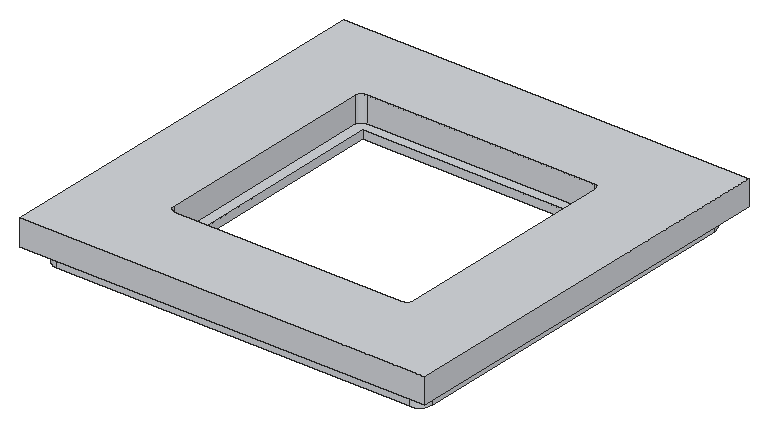
Revit family "Gira_0211127", category Electrical Fixtures, host Face, Revit 2017
Family settings
  Host = Face
  Maintain Annotation Orientation = No
  Round Connector Dimension = Use Diameter
  Part Type = Normal
  Cut with Voids When Loaded = No
  Shared = No
  Room Calculation Point = No
Parameters (values of type "Abdeckrahmen 1f Gira Esprit Alum.Braun")
  Werkstoffgüte = "aluminium"
  Werkstoff = "Metall"
  URL = "http://katalog.gira.de/de_DE/datenblatt.html?artikelnr=0211127"
  Transparent = "No"
  Textfeld/Beschriftungsfläche = "No"
  Schutzart (IP) = "IP20"
  Region = "DE"
  Oberfläche = "sonstige"
  Name = "Abdeckrahmen 1f Gira Esprit Alum.Braun"
  Montagerichtung = "horizontal und vertikal"
  Mit Montagerahmen = "No"
  Mit Klappdeckel = "No"
  Manufacturer URL = "https://www.gira.de/"
  Keynote = "Espr._Rahmen_1fach"
  HeinzeBIM = "https://bimportal.heinze.de/bim/abdeckrahmen-1f-gira-esprit-alum-braun/bc1ea4acadf5b9a0488b6233bd0f20df3ac08285"
  Halogenfrei = "Yes"
  HAN = "0211127"
  Geeignet für Unterputz-Installation = "Yes"
  Geeignet für Unterflurkanaldose = "No"
  Geeignet für Geräteeinbaukanal = "No"
  Geeignet für Einbauinstallation = "No"
  GTIN = "4010337109075"
  Farbe = "braun"
  Default Elevation = 1219.2 mm
  Data sheet (1) = "https://katalog.gira.de/de_DE/download.html?artikelnr=0211127"
  Category = "Abdeckrahmen"
  Befestigungsart = "sonstige"
  Available = "Yes"
  Anzahl der Einheiten vertikal = "1 "
  Anzahl der Einheiten horizontal = "1 "
  Anzahl der Einheiten = "1 "
Reference planes
  plane 1 "Center (Front/Back)": y = 0
  plane 2: z = 0
  plane 3 "Center (Left/Right)": x = 0
Forms (mm)
  Extrusion 1, solid, detail levels fine
    sketch origin (0, 0, 0) x (1, 0, 0) y (0, 1, 0)
      loop
        line (-47.5, 47.5) -> (-47.5, -47.5) -> (47.5, -47.5) -> (47.5, 47.5) -> (-47.5, 47.5)
      loop
        arc (-28.2, -26.7) -> (-27.761, -27.761) -> (-26.7, -28.2) r 1.5
        line (-26.7, -28.2) -> (26.7, -28.2)
        arc (26.7, -28.2) -> (27.761, -27.761) -> (28.2, -26.7) r 1.5
        line (28.2, -26.7) -> (28.2, 26.7)
        arc (28.2, 26.7) -> (27.761, 27.761) -> (26.7, 28.2) r 1.5
        line (26.7, 28.2) -> (-26.7, 28.2)
        arc (-26.7, 28.2) -> (-27.761, 27.761) -> (-28.2, 26.7) r 1.5
        line (-28.2, 26.7) -> (-28.2, -26.7)
    from 0 to 6
  Extrusion 2, solid, detail levels fine
    sketch origin (0, 0, 0) x (1, 0, 0) y (0, 1, 0)
      loop
        line (-25.7, -25.7) -> (25.7, -25.7) -> (25.7, 25.7) -> (-25.7, 25.7) -> (-25.7, -25.7)
      loop
        arc (-43.1, -41.3) -> (-42.573, -42.573) -> (-41.3, -43.1) r 1.8
        line (-41.3, -43.1) -> (41.3, -43.1)
        arc (41.3, -43.1) -> (42.573, -42.573) -> (43.1, -41.3) r 1.8
        line (43.1, -41.3) -> (43.1, 41.3)
        arc (43.1, 41.3) -> (42.573, 42.573) -> (41.3, 43.1) r 1.8
        line (41.3, 43.1) -> (-41.3, 43.1)
        arc (-41.3, 43.1) -> (-42.573, 42.573) -> (-43.1, 41.3) r 1.8
        line (-43.1, 41.3) -> (-43.1, -41.3)
    from -1.9 to 0
  Extrusion 3, solid, detail levels fine
    sketch origin (0, 0, 0) x (1, 0, 0) y (0, 1, 0)
      loop
        arc (-41.4, 44.4) -> (-43.521, 43.521) -> (-44.4, 41.4) r 3
        line (-44.4, 41.4) -> (-44.4, -41.4)
        arc (-44.4, -41.4) -> (-43.521, -43.521) -> (-41.4, -44.4) r 3
        line (-41.4, -44.4) -> (41.4, -44.4)
        arc (41.4, -44.4) -> (43.521, -43.521) -> (44.4, -41.4) r 3
        line (44.4, -41.4) -> (44.4, 41.4)
        arc (44.4, 41.4) -> (43.521, 43.521) -> (41.4, 44.4) r 3
        line (41.4, 44.4) -> (-41.4, 44.4)
      loop
        line (-43.1, 41.3) -> (-43.1, -41.3)
        arc (-43.1, -41.3) -> (-42.573, -42.573) -> (-41.3, -43.1) r 1.8
        line (-41.3, -43.1) -> (41.3, -43.1)
        arc (41.3, -43.1) -> (42.573, -42.573) -> (43.1, -41.3) r 1.8
        line (43.1, -41.3) -> (43.1, 41.3)
        arc (43.1, 41.3) -> (42.573, 42.573) -> (41.3, 43.1) r 1.8
        line (41.3, 43.1) -> (-41.3, 43.1)
        arc (-41.3, 43.1) -> (-42.573, 42.573) -> (-43.1, 41.3) r 1.8
    from -3.7 to 0
  Extrusion 4, solid, detail levels medium
    sketch origin (0, 0, 0) x (1, 0, 0) y (0, 1, 0)
      loop
        line (-47.5, 47.5) -> (-47.5, -47.5) -> (47.5, -47.5) -> (47.5, 47.5) -> (-47.5, 47.5)
    from 0 to 6
  Extrusion 5, solid, detail levels medium
    sketch origin (0, 0, 0) x (1, 0, 0) y (0, 1, 0)
      loop
        line (-44.4, 44.4) -> (-44.4, -44.4) -> (44.4, -44.4) -> (44.4, 44.4) -> (-44.4, 44.4)
    from -3.7 to 0
  Extrusion 6, solid, detail levels coarse
    sketch origin (0, 0, 0) x (1, 0, 0) y (0, 1, 0)
      loop
        line (-47.5, 47.5) -> (-47.5, -47.5) -> (47.5, -47.5) -> (47.5, 47.5) -> (-47.5, 47.5)
    from -3.7 to 6
Dimensions and locks
  aligned and locked: plane 2 to host face
  aligned and locked: level to host face
